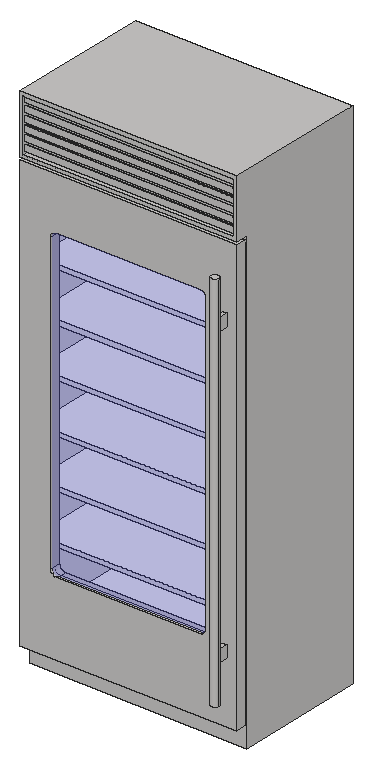
Revit family "M_Refrigerador-Porta_vidro", category Equipamento especial, Revit 2019
Family settings
  Cota do conector redondo = Utilizar diâmetro
  Tipo de parte = Normal
  Número OmniClass = 23.40.40.14
  Título OmniClass = Food Service Equipment
  Com base no plano de trabalho = Não
  Sempre na vertical = Sim
  Corte com vazios quando carregada = Não
  Compartilhado = Não
  Ponto de cálculo do ambiente = Não
Parameters (values of type "900mm LH")
  Largura = 900 mm
  Deslocamento de parede = 100 mm
  Voltagem = 120 V
  Type Comments = ""
  Mostrar legenda = yes
  RH = no
  Consumo de energia = 1000 VA
  Legenda = "Refrigerador"
  LH = not(RH)  # yes
  Acabamento interior = Eletrodoméstico – Plástico – Branco
  Altura = 2150 mm
  Linha de centro do puxador = if(RH, 50 mm, (Largura - 50 mm))  # 850 mm
  Vidro = Eletrodoméstico – Vidro
  Junta = Eletrodoméstico – Junta
  Descrição = "Refrigerador com porta de vidro"
  Linear = 600 mm
  Código de montagem = "E1090320"
  Acabamento do eletrodoméstico = Eletrodoméstico – Aço inoxidável
  Amperagem = Consumo de energia / Voltagem  # 8.33333 A
Types (2, lengths in mm): name | RH | LH | Linha de centro do puxador
  900mm RH | yes | no | 50
  900mm LH | no | yes | 850
Reference planes
  plane 1 "Parte posterior": y = 0
  plane 2: z = 0
  plane 3 "Centro (Esquerda/Direita)": x = 0
  plane 4 "Esquerda": x = -450
  plane 5 "Direita": x = 450
  plane 6: y = -100
  plane 7 "Parte frontal": y = -700
  plane 8 "Traseira da porta": y = -649.2
  plane 9 "Superior": z = 2150
  plane 10 "Porta B.O.": z = 88.9
  plane 11: z = 1905.525
  plane 12: x = 400
  plane 13: z = 1778.525
  plane 14: z = 190.5
  plane 15: z = 1524.525
  plane 16: z = 1318.045
  plane 17: z = 1111.565
  plane 18: z = 905.085
  plane 19: z = 698.605
  plane 20: z = 492.125
Forms (mm)
  Extrusion 1, solid, material "Eletrodoméstico – Aço inoxidável" <- "Acabamento do eletrodoméstico"
    sketch origin (0, 0, 0) x (1, 0, 0) y (0, 1, 0)
      loop
        line (-450, -100) -> (-450, -649.2) -> (450, -649.2) -> (450, -100) -> (-450, -100)
    from 0 to 2150
  Extrusion 2, solid, material "Eletrodoméstico – Aço inoxidável" <- "Acabamento do eletrodoméstico"
    sketch origin (0, -700, 0) x (-1, 0, 0) y (0, 0, 1)
      loop
        line (450, 2150) -> (-450, 2150) -> (-450, 1905.525) -> (450, 1905.525) -> (450, 2150)
      loop
        line (437.3, 2137.3) -> (-437.3, 2137.3) -> (-437.3, 1918.225) -> (437.3, 1918.225) -> (437.3, 2137.3)
    from 0 to 50.8
  Extrusion 3, solid, material "Eletrodoméstico – Aço inoxidável" <- "Acabamento do eletrodoméstico"
    sketch origin (0, 0, 0) x (0, 1, 0) y (0, 0, 1)
      loop
        line (-649.2, 1921.627) -> (-693.65, 1933.537) -> (-693.65, 1956.386) -> (-696.825, 1956.386) -> (-696.825, 1930.986) -> (-649.2, 1918.225) -> (-649.2, 1921.627)
      loop
        line (-649.2, 1957.809) -> (-693.65, 1969.72) -> (-693.65, 1992.569) -> (-696.825, 1992.569) -> (-696.825, 1967.169) -> (-649.2, 1954.408) -> (-649.2, 1957.809)
      loop
        line (-649.2, 1993.992) -> (-693.65, 2005.902) -> (-693.65, 2028.752) -> (-696.825, 2028.752) -> (-696.825, 2003.352) -> (-649.2, 1990.591) -> (-649.2, 1993.992)
      loop
        line (-649.2, 2030.175) -> (-693.65, 2042.085) -> (-693.65, 2064.934) -> (-696.825, 2064.934) -> (-696.825, 2039.534) -> (-649.2, 2026.773) -> (-649.2, 2030.175)
      loop
        line (-649.2, 2066.358) -> (-693.65, 2078.268) -> (-693.65, 2101.117) -> (-696.825, 2101.117) -> (-696.825, 2075.717) -> (-649.2, 2062.956) -> (-649.2, 2066.358)
      loop
        line (-649.2, 2102.54) -> (-693.65, 2114.451) -> (-693.65, 2137.3) -> (-696.825, 2137.3) -> (-696.825, 2111.9) -> (-649.2, 2099.139) -> (-649.2, 2102.54)
    from -437.3 to 437.3
  Extrusion 4, solid, material "Eletrodoméstico – Aço inoxidável" <- "Acabamento do eletrodoméstico", detail levels fine
    sketch origin (0, -700, 0) x (-1, 0, 0) y (0, 0, 1)
      loop
        line (-390.475, 1626.125) -> (-409.525, 1626.125) -> (-409.525, 1575.325) -> (-390.475, 1575.325) -> (-390.475, 1626.125)
      loop
        line (-390.475, 393.7) -> (-409.525, 393.7) -> (-409.525, 342.9) -> (-390.475, 342.9) -> (-390.475, 393.7)
    from -42.559 to 0
  Extrusion 5, solid, material "Eletrodoméstico – Aço inoxidável" <- "Acabamento do eletrodoméstico", detail levels fine
    sketch origin (0, 0, 0) x (1, 0, 0) y (0, 1, 0)
      loop
        circle (400, -751.174) r 15.875
    from 190.5 to 1778.525
  Extrusion 6, solid, material "Eletrodoméstico – Aço inoxidável" <- "Acabamento do eletrodoméstico"
    sketch origin (0, -700, 0) x (-1, 0, 0) y (0, 0, 1)
      loop
        line (450, 1892.825) -> (-450, 1892.825) -> (-450, 88.9) -> (450, 88.9) -> (450, 1892.825)
      loop
        line (297.6, 1676.925) -> (-297.6, 1676.925)
        arc (-297.6, 1676.925) -> (-315.561, 1669.486) -> (-323, 1651.525) r 25.4
        line (-323, 1651.525) -> (-323, 419.1)
        arc (-323, 419.1) -> (-315.561, 401.139) -> (-297.6, 393.7) r 25.4
        line (-297.6, 393.7) -> (297.6, 393.7)
        arc (297.6, 393.7) -> (315.561, 401.139) -> (323, 419.1) r 25.4
        line (323, 419.1) -> (323, 1651.525)
        arc (323, 1651.525) -> (315.561, 1669.486) -> (297.6, 1676.925) r 25.4
    from 0 to 44.45
  Sweep 7, solid, material "Eletrodoméstico – Junta" <- "Junta", detail levels fine
    path in 3D
      loop
        line (-450, -700, 1892.825) -> (-450, -700, 88.9) -> (450, -700, 88.9) -> (450, -700, 1892.825) -> (-450, -700, 1892.825)
    profile origin (0, -700, 1892.825) x (0, -1, 0) y (0, 0, 1)
      loop
        line (-50.8, -3.175) -> (-50.8, -6.35) -> (-44.45, -6.35) -> (-44.45, -3.175)
        arc (-44.45, -3.175) -> (-47.625, 0) -> (-50.8, -3.175) r 3.175
  Extrusion 8, solid, material "Eletrodoméstico – Vidro" <- "Vidro"
    sketch origin (0, -700, 0) x (-1, 0, 0) y (0, 0, 1)
      loop
        line (297.6, 1676.925) -> (-297.6, 1676.925)
        arc (-297.6, 1676.925) -> (-315.561, 1669.486) -> (-323, 1651.525) r 25.4
        line (-323, 1651.525) -> (-323, 419.1)
        arc (-323, 419.1) -> (-315.561, 401.139) -> (-297.6, 393.7) r 25.4
        line (-297.6, 393.7) -> (297.6, 393.7)
        arc (297.6, 393.7) -> (315.561, 401.139) -> (323, 419.1) r 25.4
        line (323, 419.1) -> (323, 1651.525)
        arc (323, 1651.525) -> (315.561, 1669.486) -> (297.6, 1676.925) r 25.4
    from 6.35 to 19.028
  Extrusion 9, void
    sketch origin (0, -649.2, 0) x (-1, 0, 0) y (0, 0, 1)
      loop
        line (424.6, 1905.525) -> (-424.6, 1905.525) -> (-424.6, 190.5) -> (424.6, 190.5) -> (424.6, 1905.525)
    from 0 to 523.8
  Extrusion 10, solid, material "Eletrodoméstico – Plástico – Branco" <- "Acabamento interior", detail levels fine
    sketch origin (0, -649.2, 0) x (-1, 0, 0) y (0, 0, 1)
      loop
        line (424.6, 1524.525) -> (-424.6, 1524.525) -> (-424.6, 1505.475) -> (424.6, 1505.475) -> (424.6, 1524.525)
      loop
        line (424.6, 1318.045) -> (-424.6, 1318.045) -> (-424.6, 1298.995) -> (424.6, 1298.995) -> (424.6, 1318.045)
      loop
        line (424.6, 1111.565) -> (-424.6, 1111.565) -> (-424.6, 1092.515) -> (424.6, 1092.515) -> (424.6, 1111.565)
      loop
        line (424.6, 905.085) -> (-424.6, 905.085) -> (-424.6, 886.035) -> (424.6, 886.035) -> (424.6, 905.085)
      loop
        line (424.6, 698.605) -> (-424.6, 698.605) -> (-424.6, 679.555) -> (424.6, 679.555) -> (424.6, 698.605)
      loop
        line (424.6, 492.125) -> (-424.6, 492.125) -> (-424.6, 473.075) -> (424.6, 473.075) -> (424.6, 492.125)
    from 0 to 523.8
Cuts and joins
  Extrusion 9 cuts Extrusion 1
  Extrusion 9 cuts Extrusion 2
  joined: Extrusion 1, Extrusion 2
  joined: Extrusion 4, Extrusion 5
  Extrusion 9 cuts Sweep 7
Lines and regions (mm)
  Split face 1
    outline origin (-450, -100, 0) x (1, 0, 0) y (0, 0, -1)
      loop
        circle (747.6, -1997.6) r 50.8
  Split face 2
    outline origin (-450, -100, 0) x (1, 0, 0) y (0, 0, -1)
      loop
        circle (450, -88.9) r 50.8
  Masking region 1
    outline origin (0, 0, 0) x (1, 0, 0) y (0, 1, 0)
      loop
        line (-450, -100) -> (-450, -700) -> (450, -700) -> (450, -100) -> (-450, -100)
  Masking region 2, detail levels fine
    outline origin (0, 0, 0) x (1, 0, 0) y (0, 1, 0)
      loop
        line (409.525, -738.474) -> (409.525, -700) -> (390.475, -700) -> (390.475, -738.474)
        arc (390.475, -738.474) -> (385.801, -744.075) -> (384.125, -751.174) r 15.875
        arc (384.125, -751.174) -> (400, -767.049) -> (415.875, -751.174) r 15.875
        arc (415.875, -751.174) -> (414.199, -744.075) -> (409.525, -738.474) r 15.875
  symbolic lines, style "Eletrodomésticos – Giro da planta", visible <- "LH", detail levels medium+fine
    curve 1: arc (450, -700, 0) -> (186.396, -1336.396, 0) -> (-450, -1600, 0) r 900
    curve 2: line (-450, -700, 0) -> (-450, -1600, 0)
  symbolic lines, style "Eletrodomésticos – Giro da planta", visible <- "RH", detail levels medium+fine
    curve 3: arc (-450, -700, 0) -> (-186.396, -1336.396, 0) -> (450, -1600, 0) r 900
    curve 4: line (450, -1600, 0) -> (450, -700, 0)
  sketch lines
    curve 5: line (450, -700, 1892.825) -> (-450, -700, 1892.825)
    curve 6: line (450, -700, 88.9) -> (450, -700, 1892.825)
    curve 7: line (-450, -700, 88.9) -> (450, -700, 88.9)
    curve 8: line (-450, -700, 1892.825) -> (-450, -700, 88.9)
  symbolic lines, style "Eletrodomésticos"
    curve 9: line (-450, -100, 0) -> (450, -100, 0)
    curve 10: line (-450, -700, 0) -> (-450, -100, 0)
    curve 11: line (450, -700, 0) -> (-450, -700, 0)
    curve 12: line (450, -100, 0) -> (450, -700, 0)
    curve 13: line (-450, -649.2, 0) -> (450, -649.2, 0)
  symbolic lines, style "Eletrodomésticos", detail levels fine
    curve 14: arc (415.875, -751.174, 0) -> (400, -735.299, 0) -> (384.125, -751.174, 0) r 15.875
    curve 15: arc (384.125, -751.174, 0) -> (400, -767.049, 0) -> (415.875, -751.174, 0) r 15.875
    curve 16: line (409.525, -738.474, 0) -> (409.525, -700, 0)
    curve 17: line (390.475, -700, 0) -> (390.475, -738.474, 0)
Dimensions and locks
  equal spacing: plane 4 "Esquerda", plane 3 "Centro (Esquerda/Direita)", plane 5 "Direita"
  "Largura": plane 4 "Esquerda" to plane 5 "Direita"
  "Linear": plane 6 to plane 7 "Parte frontal"
  "Deslocamento de parede": plane 1 "Parte posterior" to plane 6
  "Altura": plane 9 "Superior" to level
  plane 10 "Porta B.O." to level = 88.9 mm
  locked: plane 8 "Traseira da porta" to plane 7 "Parte frontal" at 50.8
  locked: plane 9 "Superior" to plane 11 at 244.475
  locked: cut or joined group of Extrusion 1, Extrusion 2, Extrusion 9 to plane 4 "Esquerda" at 12.7
  locked: plane 5 "Direita" to cut or joined group of Extrusion 1, Extrusion 2, Extrusion 9 at 12.7
  locked: plane 11 to plane 13 at 127
  plane 14 to plane 10 "Porta B.O." = 101.6 mm
  Extrusion 4 sketch curve to plane 12 to Extrusion 4 sketch curve = 9.525 mm locked, 9.525 mm locked  (x2)
  plane 13 to Extrusion 4 sketch curve to Extrusion 4 sketch curve = 152.4 mm locked, 50.8 mm locked
  Extrusion 4 sketch curve to Extrusion 4 sketch curve to plane 14 = 50.8 mm locked, 152.4 mm locked
  locked: plane 7 "Parte frontal" to Extrusion 5 sketch curve at 51.174
  locked: Split face 1 sketch curve to plane 9 "Superior" at 152.4
  locked: plane 5 "Direita" to Split face 1 sketch curve at 152.4
  "Linha de centro do puxador": plane 4 "Esquerda" to plane 12
  locked: plane 11 to Extrusion 6 sketch curve at 12.7
  locked: plane 11 to Sweep 7 sketch curve at 19.05
  equal spacing: plane 6, nested 1, plane 8 "Traseira da porta"
  locked: Extrusion 6 sketch curve to plane 4 "Esquerda" at 127
  locked: plane 5 "Direita" to Extrusion 6 sketch curve at 127
  locked: Extrusion 6 sketch curve to plane 10 "Porta B.O." at 304.8
  locked: plane 11 to Extrusion 6 sketch curve at 228.6
  Extrusion 8 to Extrusion 8 to plane 7 "Parte frontal" = 12.678 mm locked, 6.35 mm locked
  locked: Extrusion 9 sketch curve to plane 4 "Esquerda" at 25.4
  locked: plane 5 "Direita" to Extrusion 9 sketch curve at 25.4
  locked: plane 6 to cut or joined group of Extrusion 1, Extrusion 2, Extrusion 9 at 25.4
  equal spacing: plane 15, plane 16, plane 17, plane 18, plane 19, plane 20
  locked: plane 13 to plane 15 at 254
  locked: plane 20 to plane 14 at 301.625
  plane 15 to Extrusion 10 sketch curve = 19.05 mm
  locked: plane 16 to Extrusion 10 sketch curve at 19.05
  locked: plane 17 to Extrusion 10 sketch curve at 19.05
  locked: plane 18 to Extrusion 10 sketch curve at 19.05
  locked: plane 19 to Extrusion 10 sketch curve at 19.05
  locked: plane 20 to Extrusion 10 sketch curve at 19.05
  locked: plane 6 to Extrusion 10 at 25.4
  "Largura": radius of curve 3
  "Largura": radius of curve 1
  aligned and locked: plane 2 to level
  aligned and locked: Extrusion 1 sketch curve to plane 6
  aligned and locked: plane 4 "Esquerda" to Extrusion 1 sketch curve
  aligned and locked: plane 8 "Traseira da porta" to Extrusion 1 sketch curve
  aligned and locked: Extrusion 1 sketch curve to plane 5 "Direita"
  aligned and locked: plane 9 "Superior" to Extrusion 1
  aligned and locked: Extrusion 2 sketch curve to Extrusion 1  (x2)
  aligned and locked: plane 11 to Extrusion 2 sketch curve
  aligned and locked: Extrusion 2 sketch curve to plane 5 "Direita"
  aligned and locked: plane 8 "Traseira da porta" to Extrusion 2
  aligned and locked: Extrusion 3 to Extrusion 2  (x2)
  aligned and locked: plane 7 "Parte frontal" to Extrusion 4
  aligned and locked: plane 12 to Extrusion 5 sketch curve
  aligned and locked: Extrusion 5 to plane 14
  aligned and locked: plane 13 to Extrusion 5
  aligned and locked: plane 3 "Centro (Esquerda/Direita)" to Split face 2 sketch curve
  aligned and locked: plane 10 "Porta B.O." to Split face 2 sketch curve
  aligned and locked: plane 13 to cut or joined group of Extrusion 4, Extrusion 5
  aligned and locked: plane 4 "Esquerda" to Extrusion 6 sketch curve
  aligned and locked: Extrusion 6 sketch curve to plane 5 "Direita"
  aligned and locked: plane 10 "Porta B.O." to Extrusion 6 sketch curve
  aligned and locked: plane 3 "Centro (Esquerda/Direita)" to nested 1
  aligned and locked: Extrusion 8 sketch curve to Extrusion 6  (x4)
  aligned and locked: plane 14 to Extrusion 9 sketch curve
  aligned and locked: Extrusion 9 sketch curve to plane 11
  aligned and locked: plane 15 to Extrusion 10 sketch curve
  aligned and locked: cut or joined group of Extrusion 1, Extrusion 2, Extrusion 9 to Extrusion 10 sketch curve  (x2)
  aligned and locked: Extrusion 10 sketch curve to cut or joined group of Extrusion 1, Extrusion 2, Extrusion 9  (x10)
  aligned and locked: Extrusion 10 sketch curve to plane 20
  aligned and locked: Extrusion 10 sketch curve to plane 19
  aligned and locked: Extrusion 10 sketch curve to plane 18
  aligned and locked: Extrusion 10 sketch curve to plane 17
  aligned and locked: Extrusion 10 sketch curve to plane 16
  aligned and locked: Masking region 1 sketch curve to plane 6
  aligned and locked: plane 4 "Esquerda" to Masking region 1 sketch curve
  aligned and locked: Masking region 1 sketch curve to plane 5 "Direita"
  aligned and locked: plane 7 "Parte frontal" to Masking region 1 sketch curve
  aligned and locked: Masking region 2 sketch curve to cut or joined group of Extrusion 4, Extrusion 5  (x6)
Automatic sketch dimensions
  Extrusion 2 sketch curve to plane 5 "Direita" = 12.7 mm
  plane 4 "Esquerda" to Extrusion 2 sketch curve = 12.7 mm
  plane 11 to Extrusion 2 sketch curve = 12.7 mm
  Extrusion 2 sketch curve to plane 9 "Superior" = 12.7 mm
  Extrusion 3 sketch curve to plane 8 "Traseira da porta" = 0 mm  (x6)
  plane 7 "Parte frontal" to Extrusion 3 sketch curve = 6.35 mm  (x6)
  Extrusion 3 sketch curve to Extrusion 3 sketch curve = 3.175 mm  (x2)
  plane 7 "Parte frontal" to Extrusion 3 sketch curve = 3.175 mm  (x4)
  plane 11 to Extrusion 3 sketch curve = 12.7 mm
  Extrusion 3 sketch curve to Extrusion 3 sketch curve = 3.402 mm  (x6)
  plane 11 to Extrusion 3 sketch curve = 25.461 mm
  Extrusion 3 sketch curve to Extrusion 3 sketch curve = 2.551 mm  (x6)
  Extrusion 3 sketch curve to Extrusion 3 sketch curve = 32.781 mm  (x5)
  Extrusion 3 sketch curve to Extrusion 3 sketch curve = 22.849 mm  (x5)
  Extrusion 3 sketch curve to Extrusion 3 sketch curve = 10.783 mm  (x5)
  Extrusion 3 sketch curve to plane 9 "Superior" = 12.7 mm
  Sweep 7 sketch curve to Sweep 7 sketch curve = 3.175 mm
  Sweep 7 sketch curve to profile plane = 3.175 mm
  profile plane to Sweep 7 sketch curve = 50.8 mm
  Extrusion 6 sketch curve to Extrusion 6 sketch curve = 25.4 mm  (x4)
  curve 1 to plane 4 "Esquerda" = 0 mm
  curve 17 to plane 7 "Parte frontal" = 0 mm
  curve 15 to plane 12 = 0 mm
  curve 13 to plane 8 "Traseira da porta" = 0 mm
  curve 9 to plane 6 = 0 mm
  curve 15 to plane 7 "Parte frontal" = 51.174 mm
  curve 15 to plane 12 = 15.875 mm
  curve 17 to plane 12 = 9.525 mm
  plane 12 to curve 16 = 9.525 mm
  radius of Extrusion 5 sketch curve = 15.875 mm
  radius of Split face 1 sketch curve = 50.8 mm
  radius of Split face 2 sketch curve = 50.8 mm
Nested families
  nested 1: "Anotação de legenda de 2,5" at (0, -374.6, 0), visible <- "Mostrar legenda", type "Anotação de legenda de 2,5"
Connectors
  electrical at (297.6, -100, 1997.6), driven by "Voltagem", driven by "Consumo de energia"
    settings: on Extrusion 1, index 1, voltage 120 V, apparent load 1000 VA, apparent load phase1 0 VA, apparent load phase2 0 VA, apparent load phase3 0 VA, power factor 1, load classification "Eletrodoméstico", number of poles 1, system type 30, power factor state 1, is connector primary yes, connector utility no, sub classification motor no, connector description "Potência do refrigerador"
  piping at (0, -100, 88.9), diameter 6.35
    settings: on Extrusion 1, index 2, connector inside diameter 609.6 mm, connector length 0 mm, flow factor 0, pipe flow 0.0 L/s, pressure drop 0.0 Pa, fitting loss kfactor 0, connector angle 0.00°, fixture units 1, engagement length 0 mm, angle of deflection 0.00°, flow configuration 3, flow direction 1, fitting loss method 0, system type 20, joint type 0, gender type 0, connector reference index -1, connector utility 0, adjustable connector no, is connector primary yes, connector description "Gelo – Suprimento de água"
Definition of nested family "Anotação de legenda de 2,5"
  Parameters
    Legenda = "Congelador 36 LH"
  Reference planes
    plane 1: y = 0
    plane 2: x = 0
  Text (mm)
    label "Legenda" at (0.095, -0.088, 0), shows "Legenda"
